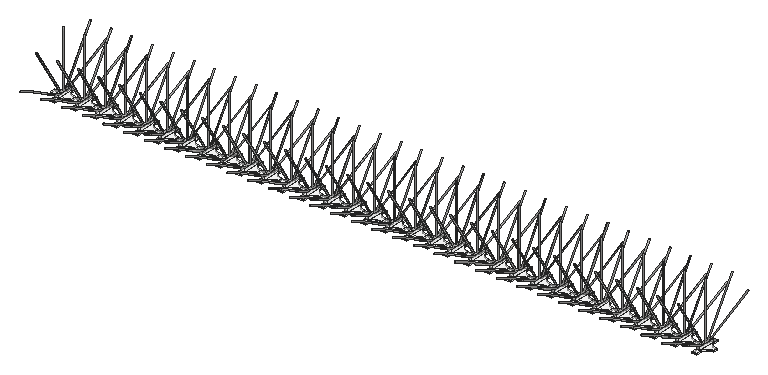
Revit family
Parameters (values of type "BirdBGone template - Line Based")
  Warranty Duration (Years) = 0
  URL = "http://www.birdbgone.com/"
  Test Data = "http://www.birdbgone.com/bird-control-product-msds"
  Units [instance] = [built-in parameter 1001306] / 0' 1 1/2"  # 32
  Specification = "http://www.arcat.com/sdspecs/htm/10290bir.htm"
  SpecWizard = ""
  Send Message = "http://www.arcat.com/users.pl?action=UserEmail&company=Bird-B-Gone,%20Inc.&coid=38371&rep=147&fax=949-472-3116&mf="
  Sales Information = "http://www.birdbgone.com/bird-control-store/"
  Revision = "R1_10-2010"
  Product Properties = "http://www.arcat.com/bim/bim_info.pl?fn=BirdBGone"
  Product Data = "http://www.arcat.com/arcatcos/cos38/arc38371.html"
  Model = "As Specified in 10 81 19"
  Middle Front Row = yes
  Material = Metal - Stainless Steel - Bird B Gone
  Manufacturer Website = "http://www.birdbgone.com/"
  Manufacturer Phone - Toll Free = "800-392-6915"
  Manufacturer Phone = "949-472-3122"
  Manufacturer Fax = "949-472-3116"
  Manufacturer Address = "23918 Skyline, Mission Viejo, CA 92692"
  Manufacturer = "Bird-B-Gone, Inc."
  Maintenance Schedule (Months) = 0
  built-in parameter 1001306 [instance] = 4' - 0"
  Keynote = "10 81 19"
  Installation-Fabrication = "http://www.birdbgone.com/installation-instructions"
  Installation Phase = ""
  Green Building-LEED = "http://www.arcat.com/green/clients/leed_data_38371.html"
  Expected Lifespan (Years) = 0
  Drawn By = "Robert S. Weygant, CSI, CDT, SCIP"
  Description = "Bird Control Equipment as Specified in 10 81 19"
  Copyright = "2010 ARCAT, Inc."
  Construction Details = "http://www.arcat.com/details/birdbgon/birdbgon.html?coid=38371"
  Building Codes = "http://www.birdbgone.com/knowledge-center/"
  End Rows = yes
  Middle Back Row = yes
  Base Material = Plastic - Bird B Gone - Polycarbonate - Crystal Clear
  Assembly Code = "E1090900"
Reference planes (in)
  plane 1 "Center (Front/Back)": y = 0
  plane 2: z = 0
  plane 3 "Left": x = 0
  plane 4 "Right": x = 48
  plane 5: y = 0.625
  plane 6: y = -0.625
Lines and regions (in)
  reference lines
    curve 1: line (0, 0, 0) -> (48, 0, 0)
Dimensions and locks (in)
  "built-in parameter 1001306": plane 3 "Left" to plane 4 "Right"
  equal spacing: plane 5, curve 1, plane 6
  locked: plane 5 to plane 6 at 1.25
  equal spacing: group 1, group 2, group 3, group 4, group 5, group 6, group 7, group 8, group 9, group 10, group 11, group 12, group 13, group 14, group 15, group 16, group 17, group 18, group 19, group 20, group 21, group 22, group 23, group 24, group 25, group 26, group 27, group 28, group 29, group 30, group 31, group 32  (x3)
  aligned and locked: plane 4 "Right" to curve 1
  aligned and locked: plane 3 "Left" to curve 1
Nested families (in)
  nested 1: "SpikeUnit_2001" at (0.75, 0, 0) x (0, 1, 0) z (0, 0, 1), Middle Back Row <- "Middle Back Row", End Rows <- "End Rows", Material <- "Material", Base Material <- "Base Material", Middle Front Row <- "Middle Front Row", type "BirdBGone template - Standalone"
    with offset 0' - 0", Unit Height 0' - 4 1/2", Middle Back Row yes, Material Metal - Stainless Steel - Bird B Gone, End Rows yes, Base Material Plastic - Bird B Gone - Polycarbonate - Crystal Clear
  nested 2: "SpikeUnit_2001" at (2.25, 0, 0) x (0, 1, 0) z (0, 0, 1), Middle Back Row <- "Middle Back Row", End Rows <- "End Rows", Material <- "Material", Base Material <- "Base Material", Middle Front Row <- "Middle Front Row", type "BirdBGone template - Standalone"
    with offset 0' - 0", Unit Height 0' - 4 1/2", Middle Front Row yes, Middle Back Row yes, Material Metal - Stainless Steel - Bird B Gone, End Rows yes, Base Material Plastic - Bird B Gone - Polycarbonate - Crystal Clear
  nested 3: "SpikeUnit_2001" at (3.75, 0, 0) x (0, 1, 0) z (0, 0, 1), Middle Back Row <- "Middle Back Row", End Rows <- "End Rows", Material <- "Material", Base Material <- "Base Material", Middle Front Row <- "Middle Front Row", type "BirdBGone template - Standalone"
    with offset 0' - 0", Unit Height 0' - 4 1/2", Middle Front Row yes, Middle Back Row yes, Material Metal - Stainless Steel - Bird B Gone, End Rows yes, Base Material Plastic - Bird B Gone - Polycarbonate - Crystal Clear
  nested 4: "SpikeUnit_2001" at (5.25, 0, 0) x (0, 1, 0) z (0, 0, 1), Middle Back Row <- "Middle Back Row", End Rows <- "End Rows", Material <- "Material", Base Material <- "Base Material", Middle Front Row <- "Middle Front Row", type "BirdBGone template - Standalone"
    with offset 0' - 0", Unit Height 0' - 4 1/2", Middle Front Row yes, Middle Back Row yes, Material Metal - Stainless Steel - Bird B Gone, End Rows yes, Base Material Plastic - Bird B Gone - Polycarbonate - Crystal Clear
  nested 5: "SpikeUnit_2001" at (6.75, 0, 0) x (0, 1, 0) z (0, 0, 1), Middle Back Row <- "Middle Back Row", End Rows <- "End Rows", Material <- "Material", Base Material <- "Base Material", Middle Front Row <- "Middle Front Row", type "BirdBGone template - Standalone"
    with offset 0' - 0", Unit Height 0' - 4 1/2", Middle Front Row yes, Middle Back Row yes, Material Metal - Stainless Steel - Bird B Gone, End Rows yes, Base Material Plastic - Bird B Gone - Polycarbonate - Crystal Clear
  nested 6: "SpikeUnit_2001" at (8.25, 0, 0) x (0, 1, 0) z (0, 0, 1), Middle Back Row <- "Middle Back Row", End Rows <- "End Rows", Material <- "Material", Base Material <- "Base Material", Middle Front Row <- "Middle Front Row", type "BirdBGone template - Standalone"
    with offset 0' - 0", Unit Height 0' - 4 1/2", Middle Front Row yes, Middle Back Row yes, Material Metal - Stainless Steel - Bird B Gone, End Rows yes, Base Material Plastic - Bird B Gone - Polycarbonate - Crystal Clear
  nested 7: "SpikeUnit_2001" at (9.75, 0, 0) x (0, 1, 0) z (0, 0, 1), Middle Back Row <- "Middle Back Row", End Rows <- "End Rows", Material <- "Material", Base Material <- "Base Material", Middle Front Row <- "Middle Front Row", type "BirdBGone template - Standalone"
    with offset 0' - 0", Unit Height 0' - 4 1/2", Middle Front Row yes, Middle Back Row yes, Material Metal - Stainless Steel - Bird B Gone, End Rows yes, Base Material Plastic - Bird B Gone - Polycarbonate - Crystal Clear
  nested 8: "SpikeUnit_2001" at (11.25, 0, 0) x (0, 1, 0) z (0, 0, 1), Middle Back Row <- "Middle Back Row", End Rows <- "End Rows", Material <- "Material", Base Material <- "Base Material", Middle Front Row <- "Middle Front Row", type "BirdBGone template - Standalone"
    with offset 0' - 0", Unit Height 0' - 4 1/2", Middle Front Row yes, Middle Back Row yes, Material Metal - Stainless Steel - Bird B Gone, End Rows yes, Base Material Plastic - Bird B Gone - Polycarbonate - Crystal Clear
  nested 9: "SpikeUnit_2001" at (12.75, 0, 0) x (0, 1, 0) z (0, 0, 1), Middle Back Row <- "Middle Back Row", End Rows <- "End Rows", Material <- "Material", Base Material <- "Base Material", Middle Front Row <- "Middle Front Row", type "BirdBGone template - Standalone"
    with offset 0' - 0", Unit Height 0' - 4 1/2", Middle Front Row yes, Middle Back Row yes, Material Metal - Stainless Steel - Bird B Gone, End Rows yes, Base Material Plastic - Bird B Gone - Polycarbonate - Crystal Clear
  nested 10: "SpikeUnit_2001" at (14.25, 0, 0) x (0, 1, 0) z (0, 0, 1), Middle Back Row <- "Middle Back Row", End Rows <- "End Rows", Material <- "Material", Base Material <- "Base Material", Middle Front Row <- "Middle Front Row", type "BirdBGone template - Standalone"
    with offset 0' - 0", Unit Height 0' - 4 1/2", Middle Front Row yes, Middle Back Row yes, Material Metal - Stainless Steel - Bird B Gone, End Rows yes, Base Material Plastic - Bird B Gone - Polycarbonate - Crystal Clear
  nested 11: "SpikeUnit_2001" at (15.75, 0, 0) x (0, 1, 0) z (0, 0, 1), Middle Back Row <- "Middle Back Row", End Rows <- "End Rows", Material <- "Material", Base Material <- "Base Material", Middle Front Row <- "Middle Front Row", type "BirdBGone template - Standalone"
    with offset 0' - 0", Unit Height 0' - 4 1/2", Middle Front Row yes, Middle Back Row yes, Material Metal - Stainless Steel - Bird B Gone, End Rows yes, Base Material Plastic - Bird B Gone - Polycarbonate - Crystal Clear
  nested 12: "SpikeUnit_2001" at (17.25, 0, 0) x (0, 1, 0) z (0, 0, 1), Middle Back Row <- "Middle Back Row", End Rows <- "End Rows", Material <- "Material", Base Material <- "Base Material", Middle Front Row <- "Middle Front Row", type "BirdBGone template - Standalone"
    with offset 0' - 0", Unit Height 0' - 4 1/2", Middle Front Row yes, Middle Back Row yes, Material Metal - Stainless Steel - Bird B Gone, End Rows yes, Base Material Plastic - Bird B Gone - Polycarbonate - Crystal Clear
  nested 13: "SpikeUnit_2001" at (18.75, 0, 0) x (0, 1, 0) z (0, 0, 1), Middle Back Row <- "Middle Back Row", End Rows <- "End Rows", Material <- "Material", Base Material <- "Base Material", Middle Front Row <- "Middle Front Row", type "BirdBGone template - Standalone"
    with offset 0' - 0", Unit Height 0' - 4 1/2", Middle Front Row yes, Middle Back Row yes, Material Metal - Stainless Steel - Bird B Gone, End Rows yes, Base Material Plastic - Bird B Gone - Polycarbonate - Crystal Clear
  nested 14: "SpikeUnit_2001" at (20.25, 0, 0) x (0, 1, 0) z (0, 0, 1), Middle Back Row <- "Middle Back Row", End Rows <- "End Rows", Material <- "Material", Base Material <- "Base Material", Middle Front Row <- "Middle Front Row", type "BirdBGone template - Standalone"
    with offset 0' - 0", Unit Height 0' - 4 1/2", Middle Front Row yes, Middle Back Row yes, Material Metal - Stainless Steel - Bird B Gone, End Rows yes, Base Material Plastic - Bird B Gone - Polycarbonate - Crystal Clear
  nested 15: "SpikeUnit_2001" at (21.75, 0, 0) x (0, 1, 0) z (0, 0, 1), Middle Back Row <- "Middle Back Row", End Rows <- "End Rows", Material <- "Material", Base Material <- "Base Material", Middle Front Row <- "Middle Front Row", type "BirdBGone template - Standalone"
    with offset 0' - 0", Unit Height 0' - 4 1/2", Middle Front Row yes, Middle Back Row yes, Material Metal - Stainless Steel - Bird B Gone, End Rows yes, Base Material Plastic - Bird B Gone - Polycarbonate - Crystal Clear
  nested 16: "SpikeUnit_2001" at (23.25, 0, 0) x (0, 1, 0) z (0, 0, 1), Middle Back Row <- "Middle Back Row", End Rows <- "End Rows", Material <- "Material", Base Material <- "Base Material", Middle Front Row <- "Middle Front Row", type "BirdBGone template - Standalone"
    with offset 0' - 0", Unit Height 0' - 4 1/2", Middle Front Row yes, Middle Back Row yes, Material Metal - Stainless Steel - Bird B Gone, End Rows yes, Base Material Plastic - Bird B Gone - Polycarbonate - Crystal Clear
  nested 17: "SpikeUnit_2001" at (24.75, 0, 0) x (0, 1, 0) z (0, 0, 1), Middle Back Row <- "Middle Back Row", End Rows <- "End Rows", Material <- "Material", Base Material <- "Base Material", Middle Front Row <- "Middle Front Row", type "BirdBGone template - Standalone"
    with offset 0' - 0", Unit Height 0' - 4 1/2", Middle Front Row yes, Middle Back Row yes, Material Metal - Stainless Steel - Bird B Gone, End Rows yes, Base Material Plastic - Bird B Gone - Polycarbonate - Crystal Clear
  nested 18: "SpikeUnit_2001" at (26.25, 0, 0) x (0, 1, 0) z (0, 0, 1), Middle Back Row <- "Middle Back Row", End Rows <- "End Rows", Material <- "Material", Base Material <- "Base Material", Middle Front Row <- "Middle Front Row", type "BirdBGone template - Standalone"
    with offset 0' - 0", Unit Height 0' - 4 1/2", Middle Front Row yes, Middle Back Row yes, Material Metal - Stainless Steel - Bird B Gone, End Rows yes, Base Material Plastic - Bird B Gone - Polycarbonate - Crystal Clear
  nested 19: "SpikeUnit_2001" at (27.75, 0, 0) x (0, 1, 0) z (0, 0, 1), Middle Back Row <- "Middle Back Row", End Rows <- "End Rows", Material <- "Material", Base Material <- "Base Material", Middle Front Row <- "Middle Front Row", type "BirdBGone template - Standalone"
    with offset 0' - 0", Unit Height 0' - 4 1/2", Middle Front Row yes, Middle Back Row yes, Material Metal - Stainless Steel - Bird B Gone, End Rows yes, Base Material Plastic - Bird B Gone - Polycarbonate - Crystal Clear
  nested 20: "SpikeUnit_2001" at (29.25, 0, 0) x (0, 1, 0) z (0, 0, 1), Middle Back Row <- "Middle Back Row", End Rows <- "End Rows", Material <- "Material", Base Material <- "Base Material", Middle Front Row <- "Middle Front Row", type "BirdBGone template - Standalone"
    with offset 0' - 0", Unit Height 0' - 4 1/2", Middle Front Row yes, Middle Back Row yes, Material Metal - Stainless Steel - Bird B Gone, End Rows yes, Base Material Plastic - Bird B Gone - Polycarbonate - Crystal Clear
  nested 21: "SpikeUnit_2001" at (30.75, 0, 0) x (0, 1, 0) z (0, 0, 1), Middle Back Row <- "Middle Back Row", End Rows <- "End Rows", Material <- "Material", Base Material <- "Base Material", Middle Front Row <- "Middle Front Row", type "BirdBGone template - Standalone"
    with offset 0' - 0", Unit Height 0' - 4 1/2", Middle Front Row yes, Middle Back Row yes, Material Metal - Stainless Steel - Bird B Gone, End Rows yes, Base Material Plastic - Bird B Gone - Polycarbonate - Crystal Clear
  nested 22: "SpikeUnit_2001" at (32.25, 0, 0) x (0, 1, 0) z (0, 0, 1), Middle Back Row <- "Middle Back Row", End Rows <- "End Rows", Material <- "Material", Base Material <- "Base Material", Middle Front Row <- "Middle Front Row", type "BirdBGone template - Standalone"
    with offset 0' - 0", Unit Height 0' - 4 1/2", Middle Front Row yes, Middle Back Row yes, Material Metal - Stainless Steel - Bird B Gone, End Rows yes, Base Material Plastic - Bird B Gone - Polycarbonate - Crystal Clear
  nested 23: "SpikeUnit_2001" at (33.75, 0, 0) x (0, 1, 0) z (0, 0, 1), Middle Back Row <- "Middle Back Row", End Rows <- "End Rows", Material <- "Material", Base Material <- "Base Material", Middle Front Row <- "Middle Front Row", type "BirdBGone template - Standalone"
    with offset 0' - 0", Unit Height 0' - 4 1/2", Middle Front Row yes, Middle Back Row yes, Material Metal - Stainless Steel - Bird B Gone, End Rows yes, Base Material Plastic - Bird B Gone - Polycarbonate - Crystal Clear
  nested 24: "SpikeUnit_2001" at (35.25, 0, 0) x (0, 1, 0) z (0, 0, 1), Middle Back Row <- "Middle Back Row", End Rows <- "End Rows", Material <- "Material", Base Material <- "Base Material", Middle Front Row <- "Middle Front Row", type "BirdBGone template - Standalone"
    with offset 0' - 0", Unit Height 0' - 4 1/2", Middle Front Row yes, Middle Back Row yes, Material Metal - Stainless Steel - Bird B Gone, End Rows yes, Base Material Plastic - Bird B Gone - Polycarbonate - Crystal Clear
  nested 25: "SpikeUnit_2001" at (36.75, 0, 0) x (0, 1, 0) z (0, 0, 1), Middle Back Row <- "Middle Back Row", End Rows <- "End Rows", Material <- "Material", Base Material <- "Base Material", Middle Front Row <- "Middle Front Row", type "BirdBGone template - Standalone"
    with offset 0' - 0", Unit Height 0' - 4 1/2", Middle Front Row yes, Middle Back Row yes, Material Metal - Stainless Steel - Bird B Gone, End Rows yes, Base Material Plastic - Bird B Gone - Polycarbonate - Crystal Clear
  nested 26: "SpikeUnit_2001" at (38.25, 0, 0) x (0, 1, 0) z (0, 0, 1), Middle Back Row <- "Middle Back Row", End Rows <- "End Rows", Material <- "Material", Base Material <- "Base Material", Middle Front Row <- "Middle Front Row", type "BirdBGone template - Standalone"
    with offset 0' - 0", Unit Height 0' - 4 1/2", Middle Front Row yes, Middle Back Row yes, Material Metal - Stainless Steel - Bird B Gone, End Rows yes, Base Material Plastic - Bird B Gone - Polycarbonate - Crystal Clear
  nested 27: "SpikeUnit_2001" at (39.75, 0, 0) x (0, 1, 0) z (0, 0, 1), Middle Back Row <- "Middle Back Row", End Rows <- "End Rows", Material <- "Material", Base Material <- "Base Material", Middle Front Row <- "Middle Front Row", type "BirdBGone template - Standalone"
    with offset 0' - 0", Unit Height 0' - 4 1/2", Middle Front Row yes, Middle Back Row yes, Material Metal - Stainless Steel - Bird B Gone, End Rows yes, Base Material Plastic - Bird B Gone - Polycarbonate - Crystal Clear
  nested 28: "SpikeUnit_2001" at (41.25, 0, 0) x (0, 1, 0) z (0, 0, 1), Middle Back Row <- "Middle Back Row", End Rows <- "End Rows", Material <- "Material", Base Material <- "Base Material", Middle Front Row <- "Middle Front Row", type "BirdBGone template - Standalone"
    with offset 0' - 0", Unit Height 0' - 4 1/2", Middle Front Row yes, Middle Back Row yes, Material Metal - Stainless Steel - Bird B Gone, End Rows yes, Base Material Plastic - Bird B Gone - Polycarbonate - Crystal Clear
  nested 29: "SpikeUnit_2001" at (42.75, 0, 0) x (0, 1, 0) z (0, 0, 1), Middle Back Row <- "Middle Back Row", End Rows <- "End Rows", Material <- "Material", Base Material <- "Base Material", Middle Front Row <- "Middle Front Row", type "BirdBGone template - Standalone"
    with offset 0' - 0", Unit Height 0' - 4 1/2", Middle Front Row yes, Middle Back Row yes, Material Metal - Stainless Steel - Bird B Gone, End Rows yes, Base Material Plastic - Bird B Gone - Polycarbonate - Crystal Clear
  nested 30: "SpikeUnit_2001" at (44.25, 0, 0) x (0, 1, 0) z (0, 0, 1), Middle Back Row <- "Middle Back Row", End Rows <- "End Rows", Material <- "Material", Base Material <- "Base Material", Middle Front Row <- "Middle Front Row", type "BirdBGone template - Standalone"
    with offset 0' - 0", Unit Height 0' - 4 1/2", Middle Front Row yes, Middle Back Row yes, Material Metal - Stainless Steel - Bird B Gone, End Rows yes, Base Material Plastic - Bird B Gone - Polycarbonate - Crystal Clear
  nested 31: "SpikeUnit_2001" at (45.75, 0, 0) x (0, 1, 0) z (0, 0, 1), Middle Back Row <- "Middle Back Row", End Rows <- "End Rows", Material <- "Material", Base Material <- "Base Material", Middle Front Row <- "Middle Front Row", type "BirdBGone template - Standalone"
    with offset 0' - 0", Unit Height 0' - 4 1/2", Middle Front Row yes, Middle Back Row yes, Material Metal - Stainless Steel - Bird B Gone, End Rows yes, Base Material Plastic - Bird B Gone - Polycarbonate - Crystal Clear
  nested 32: "SpikeUnit_2001" at (47.25, 0, 0) x (0, 1, 0) z (0, 0, 1), Middle Back Row <- "Middle Back Row", End Rows <- "End Rows", Material <- "Material", Base Material <- "Base Material", Middle Front Row <- "Middle Front Row", type "BirdBGone template - Standalone"
    with offset 0' - 0", Unit Height 0' - 4 1/2", Middle Front Row yes, Middle Back Row yes, Material Metal - Stainless Steel - Bird B Gone, End Rows yes, Base Material Plastic - Bird B Gone - Polycarbonate - Crystal Clear
Definition of nested family "SpikeUnit_2001"
  Parameters (values of type "BirdBGone template - Standalone")
    offset [instance] = 0' - 0"
    Warranty Duration (Years) = 0
    Unit Width = 0' - 7"
    Unit Height [instance] = 0' - 4 1/2"
    Unit Depth = 0' - 0 1/4"
    URL = "http://www.birdbgone.com/"
    Test Data = "http://www.birdbgone.com/bird-control-product-msds"
    Specification = "http://www.arcat.com/sdspecs/htm/10290bir.htm"
    SpecWizard = ""
    Send Message = "http://www.arcat.com/users.pl?action=UserEmail&company=Bird-B-Gone,%20Inc.&coid=38371&rep=147&fax=949-472-3116&mf="
    Sales Information = "http://www.birdbgone.com/bird-control-store/"
    Revision = "R1_10-2010"
    Product Properties = "http://www.arcat.com/bim/bim_info.pl?fn=BirdBGone"
    Product Data = "http://www.arcat.com/arcatcos/cos38/arc38371.html"
    Model = "As Specified in 10 81 19"
    Middle Front Row [instance] = yes
    Middle Back Row [instance] = yes
    Material [instance] = none
    Manufacturer Website = "http://www.birdbgone.com/"
    Manufacturer Phone - Toll Free = "800-392-6915"
    Manufacturer Phone = "949-472-3122"
    Manufacturer Fax = "949-472-3116"
    Manufacturer Address = "23918 Skyline, Mission Viejo, CA 92692"
    Manufacturer = "Bird-B-Gone, Inc."
    Maintenance Schedule (Months) = 0
    Keynote = "10 81 19"
    Installation-Fabrication = "http://www.birdbgone.com/installation-instructions"
    Installation Phase = ""
    Green Building-LEED = "http://www.arcat.com/green/clients/leed_data_38371.html"
    Expected Lifespan (Years) = 0
    End Rows [instance] = yes
    Drawn By = "Robert S. Weygant, CSI, CDT, SCIP"
    Description = "Bird Control Equipment as Specified in 10 81 19"
    Copyright = "wt"
    Construction Details = "http://www.arcat.com/details/birdbgon/birdbgon.html?coid=38371"
    Building Codes = "http://www.birdbgone.com/knowledge-center/"
    Base Material [instance] = none
    Assembly Code = "E1090900"
  Reference planes (in)
    plane 1 "Center (Front/Back)": y = 0
    plane 2 "Bottom": z = 0
    plane 3 "Center (Left/Right)": x = 0
    plane 4 "Top": z = 4.5
    plane 5: x = -1
    plane 6: x = 1
    plane 7: y = -0.75
    plane 8: y = 0.75
  Forms (in)
    Extrusion 1, solid, material <- "Base Material"
      sketch origin (0, 0, 0) x (1, 0, 0) y (0, 1, 0)
        loop
          line (1, 0.1875) -> (0.5519, 0.1875)
          arc (0.5519, 0.1875) -> (0.40496, 0.23525) -> (0.31414, 0.36025) r 0.25
          line (0.31414, 0.36025) -> (0.1875, 0.75) -> (-0.1875, 0.75) -> (-0.31414, 0.36025)
          arc (-0.31414, 0.36025) -> (-0.40496, 0.23525) -> (-0.5519, 0.1875) r 0.25
          line (-0.5519, 0.1875) -> (-1, 0.1875) -> (-1, -0.1875) -> (-0.5519, -0.1875)
          arc (-0.5519, -0.1875) -> (-0.40496, -0.23525) -> (-0.31414, -0.36025) r 0.25
          line (-0.31414, -0.36025) -> (-0.1875, -0.75) -> (0.1875, -0.75) -> (0.31414, -0.36025)
          arc (0.31414, -0.36025) -> (0.40496, -0.23525) -> (0.5519, -0.1875) r 0.25
          line (0.5519, -0.1875) -> (1, -0.1875) -> (1, 0.1875)
      from 0 to 0.125
    Extrusion 2, solid, material <- "Base Material"
      sketch origin (0, 0, 0) x (0, 1, 0) y (-1, 0, 0)
        loop
          line (-0.125, 0.625) -> (-0.125, -0.625) -> (0.125, -0.625) -> (0.125, 0.625) -> (-0.125, 0.625)
      from 0 to 0.375
    Sweep 3, solid, material <- "Material", detail levels medium+fine
      path origin (0, 0, 0) x (0.707107, 0, 0.707107) y (-0.707107, 0, 0.707107)
        loop
          line (0.26517, 0.26517) -> (3.18198, 3.18198)
      profile origin (0, 0, 2.4375) x (-1, 0, 0) y (0, -1, 0)
        loop
          circle (0, 0) r 0.03125
    Sweep 4, solid, material <- "Material", visible <- "Middle Front Row", detail levels medium+fine
      path origin (0.05128, 0, 0.05698) x (0.97437, 0, 0.224951) y (-0.224951, 0, 0.97437)
        loop
          line (0.20443, 0.20443) -> (3.18198, 3.18198)
      profile origin (1.3202, 0, 2.08768) x (-0.848048, 0, 0.529919) y (0, -1, 0)
        loop
          circle (0, 0) r 0.03125
    Sweep 5, solid, material <- "Material", visible <- "End Rows", detail levels medium+fine
      path origin (-0.1741, 0, 0.04622) x (0.945519, 0, -0.325568) y (0.325568, 0, 0.945519)
        loop
          line (0.41987, 0.41987) -> (3.18198, 3.18198)
      profile origin (2.11504, 0, 1.16271) x (-0.438371, 0, 0.898794) y (0, -1, 0)
        loop
          circle (0, 0) r 0.03125
    Sweep 6, solid, material <- "Material", visible <- "Middle Back Row", detail levels medium+fine
      path origin (-0.05128, 0, 0.05698) x (-0.97437, 0, 0.224951) y (-0.224951, 0, -0.97437)
        loop
          line (0.20443, -0.20443) -> (3.18198, -3.18198)
      profile origin (-1.3202, 0, 2.08768) x (-0.848048, 0, -0.529919) y (0, -1, 0)
        loop
          circle (0, 0) r 0.03125
    Sweep 7, solid, material <- "Material", visible <- "End Rows", detail levels medium+fine
      path origin (0.1741, 0, 0.04622) x (-0.945519, 0, -0.325568) y (0.325568, 0, -0.945519)
        loop
          line (0.41987, -0.41987) -> (3.18198, -3.18198)
      profile origin (-2.11504, 0, 1.16271) x (-0.438371, 0, -0.898794) y (0, -1, 0)
        loop
          circle (0, 0) r 0.03125
  Cuts and joins
    joined: Extrusion 1, Extrusion 2
  Lines and regions (in)
    model lines, style "Bird Control", detail levels coarse
      curve 1: line (0, 0, 0.375) -> (0, 0, 4.5)
    model lines, style "Bird Control", visible <- "Middle Front Row", detail levels coarse
      curve 2: line (0.25, 0, 0.375) -> (2.43592, 0, 3.8732)
    model lines, style "Bird Control", visible <- "End Rows", detail levels coarse
      curve 3: line (0.5, 0, 0.375) -> (3.87048, 0, 2.01889)
      curve 5: line (-0.5, 0, 0.375) -> (-3.87048, 0, 2.01889)
    model lines, style "Bird Control", visible <- "Middle Back Row", detail levels coarse
      curve 4: line (-0.25, 0, 0.375) -> (-2.43592, 0, 3.8732)
  Dimensions and locks (in)
    "Unit Height": plane 4 "Top" to level
    plane 5 to plane 3 "Center (Left/Right)" = 0' - 1"
  Automatic sketch dimensions
    Extrusion 1 sketch curve to plane 5 = 0' - 0"
    Extrusion 1 sketch curve to plane 8 = 0' - 0"
    Extrusion 1 sketch curve to plane 7 = 0' - 0"
    Extrusion 1 sketch curve to plane 6 = 0' - 0"
    plane 5 to Extrusion 1 sketch curve = 0' - 0.4481"
    Extrusion 1 sketch curve to Extrusion 1 sketch curve = 0' - 0"
    Extrusion 1 sketch curve to Extrusion 1 sketch curve = 0' - 0.23776"  (x4)
    Extrusion 1 sketch curve to plane 3 "Center (Left/Right)" = 0' - 0 3/16"  (x2)
    plane 3 "Center (Left/Right)" to Extrusion 1 sketch curve = 0' - 0 3/16"  (x2)
    plane 3 "Center (Left/Right)" to Extrusion 1 sketch curve = 0' - 0.31414"  (x2)
    plane 7 to Extrusion 1 sketch curve = 0' - 0 5/16"  (x2)
    Extrusion 1 sketch curve to Extrusion 1 sketch curve = 0' - 0.07725"  (x2)
    Extrusion 1 sketch curve to plane 1 "Center (Front/Back)" = 0' - 0 3/16"  (x2)
    Extrusion 1 sketch curve to Extrusion 1 sketch curve = 0' - 0.17275"  (x2)
    curve 1 to plane 3 "Center (Left/Right)" = 0' - 0"  (x2)
    curve 1 to plane 4 "Top" = 0' - 0"
    curve 4 to curve 1 = 0' - 2.16567"
    curve 3 to curve 1 = 0' - 2.56326"
    curve 2 to curve 3 = 0' - 0.17678"
    curve 1 to curve 2 = 0' - 0.17678"
    curve 4 to curve 1 = 0' - 0.17678"
    curve 5 to curve 4 = 0' - 0.17678"
    curve 5 to curve 4 = 0' - 2.32558"
    curve 3 to curve 3 = 0' - 3.54569"
    curve 3 to curve 2 = 0' - 0.29681"
    curve 2 to curve 1 = 0' - 0.17678"
    curve 3 to curve 2 = 0' - 0.17678"
    curve 3 to curve 3 = 0' - 1.22088"
    curve 1 to curve 4 = 0' - 0.17678"
    curve 4 to curve 5 = 0' - 0.17678"
    curve 3 to curve 2 = 0' - 2.32558"
    curve 5 to curve 5 = 0' - 3.54569"
    curve 5 to curve 4 = 0' - 0.29681"
    plane 1 "Center (Front/Back)" to Extrusion 2 sketch curve = 0' - 0 1/8"
    Extrusion 2 sketch curve to plane 1 "Center (Front/Back)" = 0' - 0 1/8"
    plane 6 to Extrusion 2 sketch curve = 0' - 0 3/8"
    plane 5 to Extrusion 2 sketch curve = 0' - 0 3/8"
    Sweep 3 sketch curve to plane 3 "Center (Left/Right)" = 0' - 0"  (x2)
    Sweep 3 sketch curve to plane 4 "Top" = 0' - 0"
    Sweep 3 sketch curve to Sweep 3 sketch curve = 0' - 2.91682"
    Sweep 3 sketch curve to profile plane = 0' - 0"  (x2)
    plane 3 "Center (Left/Right)" to Sweep 4 sketch curve = 0' - 0.20448"
    level to Sweep 4 sketch curve = 0' - 0.30216"
    Sweep 4 sketch curve to Sweep 4 sketch curve = 0' - 2.97755"  (x2)
    Sweep 4 sketch curve to profile plane = 0' - 0"  (x2)
    level to Sweep 5 sketch curve = 0' - 0.30652"
    plane 3 "Center (Left/Right)" to Sweep 5 sketch curve = 0' - 0.35959"
    Sweep 5 sketch curve to Sweep 5 sketch curve = 0' - 2.76211"  (x2)
    Sweep 5 sketch curve to profile plane = 0' - 0"  (x2)
    Sweep 6 sketch curve to plane 3 "Center (Left/Right)" = 0' - 0.20448"
    level to Sweep 6 sketch curve = 0' - 0.30216"
    Sweep 6 sketch curve to Sweep 6 sketch curve = 0' - 2.97755"  (x2)
    Sweep 6 sketch curve to profile plane = 0' - 0"  (x2)
    level to Sweep 7 sketch curve = 0' - 0.30652"
    Sweep 7 sketch curve to plane 3 "Center (Left/Right)" = 0' - 0.35959"
    Sweep 7 sketch curve to Sweep 7 sketch curve = 0' - 2.76211"  (x2)
    Sweep 7 sketch curve to profile plane = 0' - 0"  (x2)
    radius of Sweep 3 sketch curve = 0' - 0 1/32"
    radius of Sweep 4 sketch curve = 0' - 0 1/32"
    radius of Sweep 5 sketch curve = 0' - 0 1/32"
    radius of Sweep 6 sketch curve = 0' - 0 1/32"
    radius of Sweep 7 sketch curve = 0' - 0 1/32"
